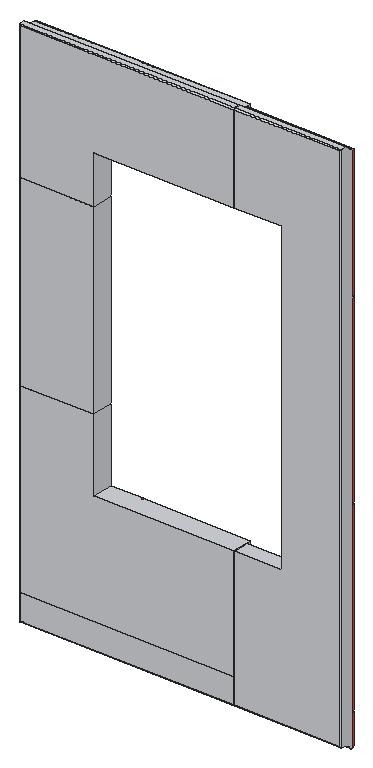
Revit family "GEN_A3-External-Facade-Middle-Panel-14", category Curtain Panels, Revit 2016
Family settings
  OmniClass Number = 23.25.20.14.11.11.17
  OmniClass Title = Infill Panels
  Always vertical = Yes
  Cut with Voids When Loaded = No
  Shared = No
Parameters (values of type "External Facade")
  Top Off Set [instance] = 2486.752 mm
  RH Off Set [instance] = 467.272 mm
  Panel Thickness = 200 mm
  Panel 6 Thickness [instance] = 200 mm
  Panel 6 [instance] = none
  Panel 5 Thickness [instance] = 200 mm
  Panel 5 [instance] = none
  Panel 4 Thickness [instance] = 200 mm
  Panel 4 [instance] = none
  Panel 3 Thickness [instance] = 200 mm
  Panel 3 [instance] = none
  Panel 2 Thickness [instance] = 200 mm
  Panel 2 [instance] = none
  Panel 1 Thickness [instance] = 200 mm
  Panel 1 [instance] = none
  LH Off Set [instance] = 500 mm
  Fill [instance] = Poche
  Cill [instance] = 3062.5 mm
  Assembly Code = ""
Reference planes
  plane 1 "Center (Front/Back)": y = 0
  plane 2: z = 0
  plane 3 "Center (Left/Right)": x = 0
  plane 4 "Left": x = -1500
  plane 5 "Right": x = 1500
  plane 6 "Top": z = 5000
  plane 7 "face": y = 100
  plane 8: y = -100
  plane 9: z = 300
  plane 10: z = 3770
  plane 11: x = 500
  plane 12: x = -500
  plane 13: x = 492.5
  plane 14: x = 507.5
  plane 15: x = -492.5
  plane 16: x = -507.5
  plane 17: z = 3777.5
  plane 18: z = 3762.5
  plane 19: z = 292.5
  plane 20: z = 307.5
  plane 21: z = 2035
  plane 22: z = 2042.5
  plane 23: z = 2027.5
  plane 24 "1": y = 100
  plane 25 "2": y = 100
  plane 26 "3": y = 100
  plane 27 "4": y = 100
  plane 28 "5": y = 100
  plane 29 "6": y = 100
  plane 30 "150": y = 50
  plane 31: x = 943.637
  plane 32: x = -807.5
  plane 33: z = 4220.309
  plane 34: z = 1349.627
Forms (mm)
  Sweep 1, void
    path origin (0, 100, 0) x (-1, 0, 0) y (0, 0, 1)
      loop
        line (500, 3265) -> (500, 5000)
    profile "Resess Profile : Resess Profile" origin (-500, 100, 4132.5) x (1, 0, 0) y (0, 1, 0)
      loop
        line (-7.5, 0) -> (-2.5, -15) -> (2.5, -15) -> (7.5, 0) -> (-7.5, 0)
  Sweep 2, void
    path origin (0, 100, 0) x (-1, 0, 0) y (0, 0, 1)
      loop
        line (-500, 3265) -> (-500, 5000)
    profile "Resess Profile : Resess Profile" origin (500, 100, 4132.5) x (1, 0, 0) y (0, 1, 0)
      loop
        line (-7.5, 0) -> (-2.5, -15) -> (2.5, -15) -> (7.5, 0) -> (-7.5, 0)
  Extrusion 3, void
    sketch origin (0, 0, 0) x (1, 0, 0) y (0, 1, 0)
      loop
        line (-1490, -100) -> (-1500, -90) -> (-1500, -100) -> (-1490, -100)
    from 0 to 10050
  Extrusion 4, void
    sketch origin (0, 0, 0) x (1, 0, 0) y (0, 1, 0)
      loop
        line (1490, -100) -> (1500, -100) -> (1500, -90) -> (1490, -100)
    from 0 to 10050
  Extrusion 5, solid
    sketch origin (0, 0, 0) x (0, 1, 0) y (0, 0, 1)
      loop
        line (-100, 5040) -> (-100, 3770) -> (85, 3770) -> (85, 3772.5) -> (100, 3777.5) -> (100, 4995) -> (85, 5000) -> (15, 5000) -> (-45, 5050) -> (-90, 5050) -> (-100, 5040)
    from -1500 to 500
  Extrusion 6, solid
    sketch origin (0, 0, 0) x (0, 1, 0) y (0, 0, 1)
      loop
        line (85, 0) -> (100, 5) -> (100, 292.5) -> (85, 297.5) -> (85, 300) -> (-100, 300) -> (-100, 62.859) -> (-87.141, 50) -> (-37, 50) -> (23, 0) -> (85, 0)
    from -1500 to 500
  Sweep 7, void
    path origin (0, 100, 0) x (-1, 0, 0) y (0, 0, 1)
      loop
        line (-500, 2035) -> (-500, 3770)
    profile "Resess Profile : Resess Profile" origin (500, 100, 2902.5) x (1, 0, 0) y (0, 1, 0)
      loop
        line (-7.5, 0) -> (-2.5, -15) -> (2.5, -15) -> (7.5, 0) -> (-7.5, 0)
  Sweep 8, void
    path origin (0, 100, 0) x (-1, 0, 0) y (0, 0, 1)
      loop
        line (-500, 300) -> (-500, 2035)
    profile "Resess Profile : Resess Profile" origin (500, 100, 1167.5) x (1, 0, 0) y (0, 1, 0)
      loop
        line (-7.5, 0) -> (-2.5, -15) -> (2.5, -15) -> (7.5, 0) -> (-7.5, 0)
  Sweep 9, void
    path origin (0, 100, 0) x (-1, 0, 0) y (0, 0, 1)
      loop
        line (-500, 0) -> (-500, 300)
    profile "Resess Profile : Resess Profile" origin (500, 100, 150) x (1, 0, 0) y (0, 1, 0)
      loop
        line (-7.5, 0) -> (-2.5, -15) -> (2.5, -15) -> (7.5, 0) -> (-7.5, 0)
  Sweep 10, void
    path origin (-1000, 100, 0) x (-1, 0, 0) y (0, 0, 1)
      loop
        line (-500, 2035) -> (-500, 3770)
    profile "Resess Profile : Resess Profile" origin (-500, 100, 2902.5) x (1, 0, 0) y (0, 1, 0)
      loop
        line (-7.5, 0) -> (-2.5, -15) -> (2.5, -15) -> (7.5, 0) -> (-7.5, 0)
  Sweep 11, void
    path origin (-1000, 100, 0) x (-1, 0, 0) y (0, 0, 1)
      loop
        line (-500, 300) -> (-500, 2035)
    profile "Resess Profile : Resess Profile" origin (-500, 100, 1167.5) x (1, 0, 0) y (0, 1, 0)
      loop
        line (-7.5, 0) -> (-2.5, -15) -> (2.5, -15) -> (7.5, 0) -> (-7.5, 0)
  Sweep 12, void
    path origin (-1000, 100, 0) x (-1, 0, 0) y (0, 0, 1)
      loop
        line (-500, 0) -> (-500, 300)
    profile "Resess Profile : Resess Profile" origin (-500, 100, 150) x (1, 0, 0) y (0, 1, 0)
      loop
        line (-7.5, 0) -> (-2.5, -15) -> (2.5, -15) -> (7.5, 0) -> (-7.5, 0)
  Extrusion 13, solid
    sketch origin (0, 0, 0) x (0, 1, 0) y (0, 0, 1)
      loop
        line (-100, 300) -> (85, 300) -> (85, 302.5) -> (100, 307.5) -> (100, 2027.5) -> (85, 2032.5) -> (85, 2035) -> (-100, 2035) -> (-100, 300)
    from -1500 to 500
  Extrusion 14, solid
    sketch origin (0, 0, 0) x (0, 1, 0) y (0, 0, 1)
      loop
        line (-100, 2035) -> (85, 2035) -> (85, 2037.5) -> (100, 2042.5) -> (100, 3762.5) -> (85, 3767.5) -> (85, 3770) -> (-100, 3770) -> (-100, 2035)
    from -1500 to 500
  Sweep 15, void
    path origin (0, 50, 0) x (1, 0, 0) y (0, 0, 1)
      loop
        line (1502.5, 3265) -> (1502.5, 5000)
    profile "Resess Profile : Resess Profile" origin (1502.5, 50, 4132.5) x (-1, 0, 0) y (0, -1, 0)
      loop
        line (7.5, 0) -> (2.5, 15) -> (-2.5, 15) -> (-7.5, 0) -> (7.5, 0)
  Sweep 16, void
    path origin (0, 50, 0) x (1, 0, 0) y (0, 0, 1)
      loop
        line (1502.5, 2035) -> (1502.5, 3770)
    profile "Resess Profile : Resess Profile" origin (1502.5, 50, 2902.5) x (-1, 0, 0) y (0, -1, 0)
      loop
        line (7.5, 0) -> (2.5, 15) -> (-2.5, 15) -> (-7.5, 0) -> (7.5, 0)
  Sweep 17, void
    path origin (0, 50, 0) x (1, 0, 0) y (0, 0, 1)
      loop
        line (1502.5, 300) -> (1502.5, 2035)
    profile "Resess Profile : Resess Profile" origin (1502.5, 50, 1167.5) x (-1, 0, 0) y (0, -1, 0)
      loop
        line (7.5, 0) -> (2.5, 15) -> (-2.5, 15) -> (-7.5, 0) -> (7.5, 0)
  Sweep 18, void
    path origin (0, 50, 0) x (1, 0, 0) y (0, 0, 1)
      loop
        line (1502.5, 0) -> (1502.5, 300)
    profile "Resess Profile : Resess Profile" origin (1502.5, 50, 150) x (-1, 0, 0) y (0, -1, 0)
      loop
        line (7.5, 0) -> (2.5, 15) -> (-2.5, 15) -> (-7.5, 0) -> (7.5, 0)
  Sweep 19, void
    path origin (-1002.5, 100, 0) x (-1, 0, 0) y (0, 0, 1)
      loop
        line (500, 3265) -> (500, 5000)
    profile "Resess Profile : Resess Profile" origin (-1502.5, 100, 4132.5) x (1, 0, 0) y (0, 1, 0)
      loop
        line (-7.5, 0) -> (-2.5, -15) -> (2.5, -15) -> (7.5, 0) -> (-7.5, 0)
  Sweep 20, void
    path origin (-2002.5, 100, 0) x (-1, 0, 0) y (0, 0, 1)
      loop
        line (-500, 2035) -> (-500, 3770)
    profile "Resess Profile : Resess Profile" origin (-1502.5, 100, 2902.5) x (1, 0, 0) y (0, 1, 0)
      loop
        line (-7.5, 0) -> (-2.5, -15) -> (2.5, -15) -> (7.5, 0) -> (-7.5, 0)
  Sweep 21, void
    path origin (-2002.5, 100, 0) x (-1, 0, 0) y (0, 0, 1)
      loop
        line (-500, 300) -> (-500, 2035)
    profile "Resess Profile : Resess Profile" origin (-1502.5, 100, 1167.5) x (1, 0, 0) y (0, 1, 0)
      loop
        line (-7.5, 0) -> (-2.5, -15) -> (2.5, -15) -> (7.5, 0) -> (-7.5, 0)
  Sweep 22, void
    path origin (-2002.5, 100, 0) x (-1, 0, 0) y (0, 0, 1)
      loop
        line (-500, 0) -> (-500, 300)
    profile "Resess Profile : Resess Profile" origin (-1502.5, 100, 150) x (1, 0, 0) y (0, 1, 0)
      loop
        line (-7.5, 0) -> (-2.5, -15) -> (2.5, -15) -> (7.5, 0) -> (-7.5, 0)
  Extrusion 23, solid
    sketch origin (0, 0, 0) x (0, 1, 0) y (0, 0, 1)
      loop
        line (-90, 5050) -> (-100, 5040) -> (-100, 62.859) -> (-87.141, 50) -> (-37, 50) -> (23, 0) -> (35, 0) -> (50, 5) -> (50, 292.5) -> (35, 297.5) -> (35, 302.5) -> (50, 307.5) -> (50, 2027.5) -> (35, 2032.5) -> (35, 2037.5) -> (50, 2042.5) -> (50, 3762.5) -> (35, 3767.5) -> (35, 3772.5) -> (50, 3777.5) -> (50, 4995) -> (35, 5000) -> (15, 5000) -> (-45, 5050) -> (-90, 5050)
    from 500 to 1500
  Sweep 24, void
    path origin (-1002.5, 50, 0) x (1, 0, 0) y (0, 0, 1)
      loop
        line (1502.5, 3265) -> (1502.5, 5000)
    profile "Resess Profile : Resess Profile" origin (500, 50, 4132.5) x (-1, 0, 0) y (0, -1, 0)
      loop
        line (7.5, 0) -> (2.5, 15) -> (-2.5, 15) -> (-7.5, 0) -> (7.5, 0)
  Sweep 25, void
    path origin (-1002.5, 50, 0) x (1, 0, 0) y (0, 0, 1)
      loop
        line (1502.5, 2035) -> (1502.5, 3770)
    profile "Resess Profile : Resess Profile" origin (500, 50, 2902.5) x (-1, 0, 0) y (0, -1, 0)
      loop
        line (7.5, 0) -> (2.5, 15) -> (-2.5, 15) -> (-7.5, 0) -> (7.5, 0)
  Sweep 26, void
    path origin (-1002.5, 50, 0) x (1, 0, 0) y (0, 0, 1)
      loop
        line (1502.5, 300) -> (1502.5, 2035)
    profile "Resess Profile : Resess Profile" origin (500, 50, 1167.5) x (-1, 0, 0) y (0, -1, 0)
      loop
        line (7.5, 0) -> (2.5, 15) -> (-2.5, 15) -> (-7.5, 0) -> (7.5, 0)
  Sweep 27, void
    path origin (-1002.5, 50, 0) x (1, 0, 0) y (0, 0, 1)
      loop
        line (1502.5, 0) -> (1502.5, 300)
    profile "Resess Profile : Resess Profile" origin (500, 50, 150) x (-1, 0, 0) y (0, -1, 0)
      loop
        line (7.5, 0) -> (2.5, 15) -> (-2.5, 15) -> (-7.5, 0) -> (7.5, 0)
  Extrusion 28, void
    sketch origin (0, 0, 0) x (1, 0, 0) y (0, 0, 1)
      loop
        line (943.637, 4220.309) -> (-807.5, 4220.309) -> (-807.5, 1349.627) -> (943.637, 1349.627) -> (943.637, 4220.309)
    from -100 to 100
Cuts and joins
  Sweep 1, Sweep 2, Extrusion 3, Extrusion 4, Sweep 15, Sweep 19, Extrusion 28 cuts Extrusion 5
  Extrusion 3, Extrusion 4, Sweep 9, Sweep 11, Sweep 12, Sweep 17, Sweep 18, Sweep 21, Sweep 22 cuts Extrusion 6
  Extrusion 3, Extrusion 4, Sweep 7, Sweep 10, Sweep 16, Sweep 17, Sweep 20, Sweep 21, Extrusion 28 cuts Extrusion 14
  Extrusion 3, Extrusion 4, Sweep 8, Sweep 11, Sweep 16, Sweep 17, Sweep 18, Sweep 20, Sweep 21, Sweep 22, Extrusion 28 cuts Extrusion 13
  Extrusion 4, Sweep 15, Sweep 16, Sweep 17, Sweep 18, Sweep 24, Sweep 25, Sweep 26, Sweep 27, Extrusion 28 cuts Extrusion 23
Text (mm)
  text "Exterior" at (-2351.972, 1416.179, 0), in view "Ref. Level"
  text "Exterior" at (0, 2290.741, 4406.713), in view "Left"
  text "Exterior" at (0, 1328.187, 4120.349), in view "Right"
Dimensions and locks
  equal spacing: plane 4 "Left", plane 3 "Center (Left/Right)", plane 5 "Right"
  plane 7 "face" to plane 1 "Center (Front/Back)" to plane 8 = 100 mm, 100 mm locked
  plane 7 "face" to plane 8 = 200 mm
  plane 4 "Left" to plane 5 "Right" = 3000 mm
  plane 2 to plane 6 "Top" = 5000 mm
  equal spacing: plane 4 "Left", plane 12, plane 11, plane 5 "Right"
  plane 19 to plane 9 to plane 20 = 7.5 mm locked, 7.5 mm locked
  locked: plane 2 to plane 9 at 300
  locked: plane 9 to plane 10 at 3470
  plane 18 to plane 10 to plane 17 = 7.5 mm locked, 7.5 mm locked
  plane 13 to plane 11 to plane 14 = 7.5 mm locked, 7.5 mm locked
  plane 16 to plane 12 to plane 15 = 7.5 mm locked, 7.5 mm locked
  equal spacing: plane 9, plane 21, plane 10
  plane 23 to plane 21 to plane 22 = 7.5 mm locked, 7.5 mm locked
  "Panel 1 Thickness": plane 24 "1" to plane 8
  "Panel 2 Thickness": plane 25 "2" to plane 8
  "Panel 3 Thickness": plane 26 "3" to plane 8
  "Panel 4 Thickness": plane 27 "4" to plane 8
  "Panel 5 Thickness": plane 28 "5" to plane 8
  "Panel 6 Thickness": plane 29 "6" to plane 8
  locked: plane 27 "4" to Extrusion 14 sketch curve at 15
  locked: Extrusion 14 sketch curve to Extrusion 14 sketch curve at 15
  locked: Extrusion 6 sketch curve to Extrusion 6 sketch curve at 15
  locked: plane 29 "6" to Extrusion 6 sketch curve at 15
  locked: plane 24 "1" to Extrusion 5 sketch curve at 15
  locked: Extrusion 5 sketch curve to Extrusion 5 sketch curve at 15
  plane 2 to Extrusion 6 = 300 mm
  locked: plane 1 "Center (Front/Back)" to plane 30 "150" at 50
  aligned and locked: level to plane 2
  aligned and locked: plane 12 to Sweep 1 sketch curve
  aligned and locked: plane 6 "Top" to Sweep 1 sketch curve
  aligned and locked: plane 24 "1" to Extrusion 5 sketch curve
  aligned and locked: Extrusion 5 sketch curve to plane 6 "Top"
  aligned: Extrusion 5 to plane 5 "Right"
  aligned and locked: plane 4 "Left" to Extrusion 5
  aligned and locked: plane 4 "Left" to Extrusion 6
  aligned and locked: plane 6 "Top" to Sweep 2 sketch curve
  aligned and locked: plane 10 to Sweep 7 sketch curve
  aligned and locked: plane 21 to Sweep 7 sketch curve
  aligned and locked: plane 21 to Sweep 8 sketch curve
  aligned and locked: plane 9 to Sweep 8 sketch curve
  aligned and locked: plane 2 to Sweep 9 sketch curve
  aligned and locked: plane 9 to Sweep 9 sketch curve
  aligned and locked: Extrusion 13 sketch curve to cut or joined group 1 (Extrusion 3, Extrusion 4, Extrusion 6, Sweep 9, Sweep 11, Sweep 12, Sweep 17, Sweep 18, Sweep 21, Sweep 22)  (x2)
  aligned and locked: Sweep 8 to Extrusion 13 sketch curve  (x2)
  aligned and locked: Extrusion 14 sketch curve to Extrusion 13  (x2)
  aligned and locked: Sweep 7 to Extrusion 14 sketch curve  (x2)
  aligned: Extrusion 13 to plane 5 "Right"
  aligned: Extrusion 14 to plane 5 "Right"
  aligned and locked: plane 4 "Left" to Extrusion 13
  aligned and locked: plane 4 "Left" to Extrusion 14
  aligned and locked: plane 4 "Left" to cut or joined group 1
  aligned and locked: plane 4 "Left" to cut or joined group 2 (Extrusion 3, Extrusion 4, Sweep 8, Sweep 11, Extrusion 13, Sweep 16, Sweep 17, Sweep 18, Sweep 20, Sweep 21, Sweep 22, Extrusion 28)
  aligned and locked: plane 4 "Left" to cut or joined group 3 (Extrusion 3, Extrusion 4, Sweep 7, Sweep 10, Extrusion 14, Sweep 16, Sweep 17, Sweep 20, Sweep 21, Extrusion 28)
  aligned and locked: plane 4 "Left" to cut or joined group of Sweep 1, Sweep 2, Extrusion 3, Extrusion 4, Extrusion 5, Sweep 15, Sweep 19, Extrusion 28
  aligned: cut or joined group 1 to plane 5 "Right"
  aligned: cut or joined group 2 to plane 5 "Right"
  aligned: cut or joined group 3 to plane 5 "Right"
  aligned: cut or joined group of Sweep 1, Sweep 2, Extrusion 3, Extrusion 4, Extrusion 5, Sweep 15, Sweep 19, Extrusion 28 to plane 5 "Right"
  aligned and locked: Extrusion 13 sketch curve to cut or joined group 2  (x2)
  aligned and locked: plane 29 "6" to Extrusion 6 sketch curve
  aligned and locked: Extrusion 5 sketch curve to plane 10
  aligned and locked: cut or joined group 1 to plane 11
  aligned and locked: cut or joined group 2 to plane 11
  aligned and locked: cut or joined group 3 to plane 11
  aligned and locked: cut or joined group of Sweep 1, Sweep 2, Extrusion 3, Extrusion 4, Extrusion 5, Sweep 15, Sweep 19, Extrusion 28 to plane 11
  aligned and locked: plane 30 "150" to Extrusion 23 sketch curve  (x4)
  aligned and locked: Extrusion 23 to plane 5 "Right"
  aligned and locked: plane 11 to Extrusion 23
  aligned and locked: plane 33 to Extrusion 28 sketch curve
  aligned and locked: Extrusion 28 sketch curve to plane 31
  aligned and locked: Extrusion 28 sketch curve to plane 34
  aligned and locked: plane 32 to Extrusion 28 sketch curve
Automatic sketch dimensions
  Sweep 1 sketch curve to plane 18 = 497.5 mm
  plane 11 to Sweep 2 sketch curve = 0 mm
  Sweep 2 sketch curve to plane 18 = 497.5 mm
  Extrusion 3 sketch curve to plane 4 "Left" = 0 mm
  Extrusion 3 sketch curve to plane 8 = 0 mm
  Extrusion 3 sketch curve to Extrusion 3 sketch curve = 10 mm
  plane 8 to Extrusion 3 sketch curve = 10 mm
  Extrusion 4 sketch curve to plane 8 = 0 mm
  Extrusion 4 sketch curve to plane 5 "Right" = 0 mm
  plane 5 "Right" to Extrusion 4 sketch curve = 10 mm
  plane 8 to Extrusion 4 sketch curve = 10 mm
  Extrusion 5 sketch curve to plane 8 = 0 mm
  Extrusion 5 sketch curve to plane 17 = 0 mm
  plane 8 to Extrusion 5 sketch curve = 10 mm
  plane 1 "Center (Front/Back)" to Extrusion 5 sketch curve = 45 mm
  Extrusion 5 sketch curve to plane 1 "Center (Front/Back)" = 15 mm
  Extrusion 5 sketch curve to Extrusion 5 sketch curve = 2.5 mm
  plane 6 "Top" to Extrusion 5 sketch curve = 5 mm
  Extrusion 5 sketch curve to plane 6 "Top" = 40 mm
  Extrusion 5 sketch curve to Extrusion 5 sketch curve = 10 mm
  Extrusion 6 sketch curve to plane 8 = 0 mm
  Extrusion 6 sketch curve to level = 0 mm
  Extrusion 6 sketch curve to plane 19 = 0 mm
  Extrusion 6 sketch curve to plane 9 = 0 mm
  plane 8 to Extrusion 6 sketch curve = 12.859 mm
  plane 1 "Center (Front/Back)" to Extrusion 6 sketch curve = 37 mm
  Extrusion 6 sketch curve to plane 1 "Center (Front/Back)" = 23 mm
  level to Extrusion 6 sketch curve = 5 mm
  level to Extrusion 6 sketch curve = 50 mm
  Extrusion 6 sketch curve to Extrusion 6 sketch curve = 12.859 mm
  Extrusion 6 sketch curve to plane 9 = 2.5 mm
  plane 11 to Sweep 7 sketch curve = 0 mm
  plane 11 to Sweep 8 sketch curve = 0 mm
  plane 11 to Sweep 9 sketch curve = 0 mm
  Sweep 10 sketch curve to plane 10 = 0 mm
  plane 12 to Sweep 10 sketch curve = 0 mm
  Sweep 10 sketch curve to plane 21 = 0 mm
  plane 12 to Sweep 11 sketch curve = 0 mm
  Sweep 11 sketch curve to plane 9 = 0 mm
  Sweep 11 sketch curve to plane 21 = 0 mm
  Sweep 12 sketch curve to plane 9 = 0 mm
  plane 12 to Sweep 12 sketch curve = 0 mm
  Sweep 12 sketch curve to level = 0 mm
  Extrusion 13 sketch curve to plane 20 = 0 mm
  Extrusion 13 sketch curve to plane 23 = 0 mm
  Extrusion 13 sketch curve to Extrusion 13 sketch curve = 2.5 mm
  Extrusion 13 sketch curve to plane 21 = 2.5 mm
  Extrusion 14 sketch curve to plane 22 = 0 mm
  Extrusion 14 sketch curve to plane 18 = 0 mm
  Extrusion 14 sketch curve to Extrusion 14 sketch curve = 2.5 mm
  Extrusion 14 sketch curve to plane 10 = 2.5 mm
  Sweep 15 sketch curve to plane 6 "Top" = 0 mm
  Sweep 15 sketch curve to plane 5 "Right" = 2.5 mm
  Sweep 15 sketch curve to plane 18 = 497.5 mm
  Sweep 16 sketch curve to plane 10 = 0 mm
  Sweep 16 sketch curve to plane 21 = 0 mm
  Sweep 16 sketch curve to plane 5 "Right" = 2.5 mm
  Sweep 17 sketch curve to plane 21 = 0 mm
  Sweep 17 sketch curve to plane 9 = 0 mm
  Sweep 17 sketch curve to plane 5 "Right" = 2.5 mm
  Sweep 18 sketch curve to plane 9 = 0 mm
  Sweep 18 sketch curve to level = 0 mm
  Sweep 18 sketch curve to plane 5 "Right" = 2.5 mm
  Sweep 19 sketch curve to plane 6 "Top" = 0 mm
  plane 4 "Left" to Sweep 19 sketch curve = 2.5 mm
  Sweep 19 sketch curve to plane 18 = 497.5 mm
  Sweep 20 sketch curve to plane 10 = 0 mm
  Sweep 20 sketch curve to plane 21 = 0 mm
  plane 4 "Left" to Sweep 20 sketch curve = 2.5 mm
  Sweep 21 sketch curve to plane 21 = 0 mm
  Sweep 21 sketch curve to plane 9 = 0 mm
  plane 4 "Left" to Sweep 21 sketch curve = 2.5 mm
  Sweep 22 sketch curve to plane 9 = 0 mm
  Sweep 22 sketch curve to level = 0 mm
  plane 4 "Left" to Sweep 22 sketch curve = 2.5 mm
  Extrusion 23 sketch curve to plane 8 = 0 mm
  plane 6 "Top" to Extrusion 23 sketch curve = 0 mm
  Extrusion 23 sketch curve to level = 0 mm
  Extrusion 23 sketch curve to plane 19 = 0 mm
  Extrusion 23 sketch curve to plane 20 = 0 mm
  Extrusion 23 sketch curve to plane 23 = 0 mm
  Extrusion 23 sketch curve to plane 22 = 0 mm
  Extrusion 23 sketch curve to plane 18 = 0 mm
  Extrusion 23 sketch curve to plane 17 = 0 mm
  plane 8 to Extrusion 23 sketch curve = 10 mm
  plane 8 to Extrusion 23 sketch curve = 12.859 mm
  plane 1 "Center (Front/Back)" to Extrusion 23 sketch curve = 45 mm
  plane 1 "Center (Front/Back)" to Extrusion 23 sketch curve = 37 mm
  Extrusion 23 sketch curve to plane 1 "Center (Front/Back)" = 15 mm
  Extrusion 23 sketch curve to plane 1 "Center (Front/Back)" = 23 mm
  plane 30 "150" to Extrusion 23 sketch curve = 15 mm  (x4)
  plane 10 to Extrusion 23 sketch curve = 2.5 mm
  Extrusion 23 sketch curve to Extrusion 23 sketch curve = 12 mm
  plane 21 to Extrusion 23 sketch curve = 2.5 mm
  Extrusion 23 sketch curve to plane 9 = 2.5 mm
  level to Extrusion 23 sketch curve = 5 mm
  level to Extrusion 23 sketch curve = 50 mm
  Extrusion 23 sketch curve to Extrusion 23 sketch curve = 12.859 mm
  plane 9 to Extrusion 23 sketch curve = 2.5 mm
  Extrusion 23 sketch curve to plane 21 = 2.5 mm
  Extrusion 23 sketch curve to plane 10 = 2.5 mm
  plane 6 "Top" to Extrusion 23 sketch curve = 5 mm
  Extrusion 23 sketch curve to plane 6 "Top" = 40 mm
  Extrusion 23 sketch curve to Extrusion 23 sketch curve = 10 mm
  Sweep 24 sketch curve to plane 6 "Top" = 0 mm
  plane 11 to Sweep 24 sketch curve = 0 mm
  Sweep 24 sketch curve to plane 18 = 497.5 mm
  Sweep 25 sketch curve to plane 10 = 0 mm
  plane 11 to Sweep 25 sketch curve = 0 mm
  Sweep 25 sketch curve to plane 21 = 0 mm
  plane 11 to Sweep 26 sketch curve = 0 mm
  Sweep 26 sketch curve to plane 9 = 0 mm
  Sweep 26 sketch curve to plane 21 = 0 mm
  Sweep 27 sketch curve to plane 9 = 0 mm
  plane 11 to Sweep 27 sketch curve = 0 mm
  Sweep 27 sketch curve to level = 0 mm
